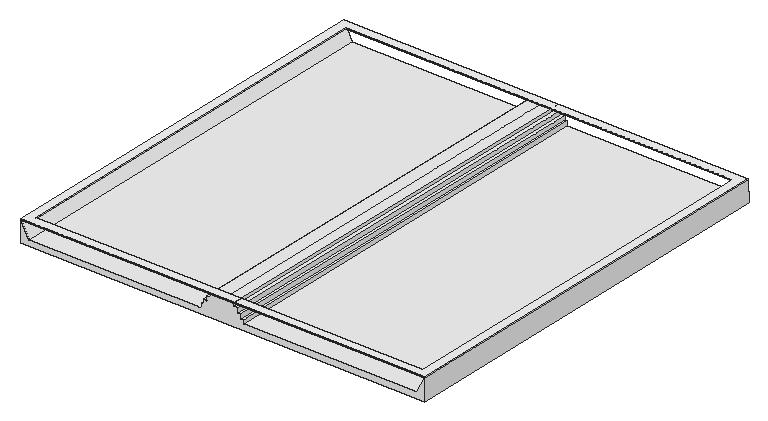
Revit family "HHS_MDMB", category Lighting Fixtures, host Face, Revit 2021
Family settings
  Host = Face
  Round Connector Dimension = Use Diameter
  Part Type = Normal
  OmniClass Number = 23.80.70.14.21
  OmniClass Title = Street and Roadway Lighting
  Cut with Voids When Loaded = No
  Light Source = Yes
  Shared = No
  Room Calculation Point = No
Parameters (values of type "MDMB22-9-35 Ambient Mode")
  Width = 24.00"
  Wattage Comments = ""
  Wattage = 9.2903 W
  Watt = 25 W
  Warranty = "Five year warranty (Terms and Conditions Apply)"  # constant formula
  built-in parameter 1150110 = 1 (stored number, unit not read)
  Voltage = "120-277V"
  Visor Option = FL-1 : FL-1
  URL = "https://www.currentlighting.com/lifeshield"
  built-in parameter 1114217 = 1 (stored number, unit not read)
  Tilt Angle = -90.00°
  built-in parameter 1150109 = 1 (stored number, unit not read)
  built-in parameter 1150134 = 3
  built-in parameter 1150113 = 1 (stored number, unit not read)
  Product Page URL = ""
  Product Material = Paint - Matte White
  Product Documentation Link = ""
  Photometric Web File = "MDMB22-9-35 Ambient Mode.ies"
  Model = "MediMode™ Behavioral"  # constant formula
  Manufacturer = "Lifeshield"  # constant formula
  built-in parameter 1150105 = 109.82 (stored number, unit not read)
  Lumens = 1380 lm
  built-in parameter 1150115 = 1 (stored number, unit not read)
  built-in parameter 1150137 = (empty or 0)
  built-in parameter 1150139 = (empty or 0)
  Length = 24.00"
  built-in parameter 1150112 = 1 (stored number, unit not read)
  built-in parameter 1150114 = 1 (stored number, unit not read)
  Lamp = "LED"
  built-in parameter 1150132 = (empty or 0)
  built-in parameter 1150102 = (empty or 0)
  built-in parameter 1150107 = 3200 (stored number, unit not read)
  built-in parameter 1150138 = (empty or 0)
  built-in parameter 1150106 = 1.0982 (stored number, unit not read)
  Glass = Glass
  Fixture Life = "60,000 HRS"  # constant formula
  Features = "Provides ambient, reading and examination illumination for the patient bed environment \r\nDesigned to reduce risk of ligature, hiding of contraband, and general damage to the luminaire \r\nRecommended by the New York State Office of Mental Health \r\nAvailable in 2x4 and 2x2 models for flange applications \r\nAll compartments are lensed for visual comfort \r\nA 0.25 inch thick polycarbonate lensed door provides enhanced protection \r\nOptical assembly and electrical components accessible from below the ceiling \r\nStandard antimicrobial finish \r\n"  # constant formula
  Emit from Rectangle Width = Length - 1.00"  # 23.00"
  Emit from Rectangle Length = Width - 1.00"  # 23.00"
  Emit Shape Visible in Rendering = no
  built-in parameter 1150104 = 13.8 (stored number, unit not read)
  Dimming Lamp Color Temperature Shift = <None>
  Description = "MediMode™ Behavioral provides the primary lighting requirements for the patient environment while addressing the safety and security concerns of behavioral health spaces. The construction is designed to reduce risk of ligature, hiding of contraband, and general damage to the luminaire."  # constant formula
  Default Elevation = 48.00"
  Contact Us = ""
  Color Rendering Index = "80 CRI , 90CRI"
  Color Filter = 16777215
  Certification = "• Built and tested to UL1598 standard and\r\nbears the cCSAus label for Wet Locations in\r\ncovered ceilings\r\n• Recommended by the New York State Office\r\nof Mental Health for low, medium and high\r\nrisk behavioral spaces\r\n• Photometrically tested per IESNA-79\r\nstandards and LM-80 compliant\r\n• UL Sanitation rated"  # constant formula
  built-in parameter 1114218 = 1 (stored number, unit not read)
  built-in parameter 1150133 = 10 (stored number, unit not read)
  Application = "Behavioral Facilities\r\nAddiction Treatment Facilities\r\nEmergency Room"  # constant formula
  Apparent Load = 0 VA
Types (8): name | Watt | Photometric Web File | Length | Emit from Rectangle Width
  (no name) | 25 W | "MDMB22-9-35 Ambient Mode.ies" | 24.00" | 23.00"
  MDMB22-9-35 General Mode | 25 W | "MDMB22-9-35 General Mode.ies" | 24.00" | 23.00"
  MDMB24-9-35 General Mode | 41 W | "MDMB24-9-35 General Mode.ies" | 48.00" | 47.00"
  MDMB24-9-35 Night Light Mode Only | 25 W | "MDMB24-9-35 Night Light Mode Only.ies" | 48.00" | 47.00"
  MDMB24-9-35 Exam Mode | 25 W | "MDMB24-9-35 Exam Mode.ies" | 48.00" | 47.00"
  MDMB24-9-35 Ambient Mode | 25 W | "MDMB24-9-35 Ambient Mode.ies" | 48.00" | 47.00"
  MDMB22-9-35 Exam Mode | 25 W | "MDMB22-9-35  Exam Mode.ies" | 24.00" | 23.00"
  MDMB22-9-35 Ambient Mode | 25 W | "MDMB22-9-35 Ambient Mode.ies" | 24.00" | 23.00"
Reference planes (in)
  plane 1 "Center (Front/Back)": y = 0
  plane 2: z = 0
  plane 3 "Center (Left/Right)": x = 0
  plane 4: y = 12
  plane 5: y = -12
  plane 6: x = -12
  plane 7: x = 12
  plane 8: y = 11.5
  plane 9: x = -11.5
  plane 10: x = 11.5
  plane 11: y = -11.5
  plane 12: z = 0.18
Forms (in)
  Extrusion 1, solid, material "Paint - Matte White" <- "Product Material"
    sketch origin (0, 0, 0) x (1, 0, 0) y (0, 1, 0)
      loop
        line (-12, 12) -> (-12, -12) -> (12, -12) -> (12, 12) -> (-12, 12)
      loop
        line (-11.5, 11.5) -> (-11.5, -11.5) -> (11.5, -11.5) -> (11.5, 11.5) -> (-11.5, 11.5)
    from 0 to 0.05
  Extrusion 2, void
    sketch origin (0, 0, 0) x (1, 0, 0) y (0, 1, 0)
      loop
        line (-12, 12) -> (-12, -12) -> (12, -12) -> (12, 12) -> (-12, 12)
    from -2.5 to 0
  Extrusion 3, solid, material "Glass" <- "Glass"
    sketch origin (0, 0, 0) x (1, 0, 0) y (0, 0, 1)
      loop
        line (-12, 0) -> (-12, -1.25) -> (12, -1.25) -> (12, 0) -> (11.5, -0.91232) -> (1.25, -0.91232) -> (1.25, -0.66232) -> (1.09375, -0.66232) -> (1.09375, -0.41232) -> (0.90625, -0.41232) -> (0.90625, -0.16232) -> (0.6875, -0.16232) -> (0.6875, 0) -> (0, 0) -> (-0.6875, 0) -> (-0.6875, -0.16232) -> (-0.90625, -0.16232) -> (-0.90625, -0.41232) -> (-1.09375, -0.41232) -> (-1.09375, -0.66232) -> (-1.25, -0.66232) -> (-1.25, -0.91232) -> (-11.5, -0.91232) -> (-12, 0)
    from -12 to 12
Cuts and joins
  Extrusion 2 cuts Extrusion 1
Dimensions and locks (in)
  equal spacing: plane 5, plane 1 "Center (Front/Back)", plane 4
  "Length": plane 5 to plane 4
  equal spacing: plane 6, plane 3 "Center (Left/Right)", plane 7
  "Width": plane 6 to plane 7
  locked: plane 5 to plane 11 at 0.5
  locked: plane 6 to plane 9 at 0.5
  locked: plane 10 to plane 7 at 0.5
  locked: plane 8 to plane 4 at 0.5
  aligned and locked: plane 2 to host face
  aligned and locked: level to host face
  aligned and locked: plane 4 to Extrusion 1 sketch curve
  aligned and locked: plane 6 to Extrusion 1 sketch curve
  aligned and locked: Extrusion 1 sketch curve to plane 5
  aligned and locked: Extrusion 1 sketch curve to plane 7
  aligned and locked: plane 8 to Extrusion 1 sketch curve
  aligned and locked: plane 9 to Extrusion 1 sketch curve
  aligned and locked: Extrusion 1 sketch curve to plane 11
  aligned and locked: Extrusion 1 sketch curve to plane 10
  aligned and locked: Extrusion 3 to cut or joined group of Extrusion 1, Extrusion 2
  aligned and locked: cut or joined group of Extrusion 1, Extrusion 2 to Extrusion 3
  aligned and locked: imposter light to plane 12
Automatic sketch dimensions
  host sketch curve to host sketch curve = 96.00"  (x2)
  plane 5 to Extrusion 2 sketch curve = 0.00"
  Extrusion 2 sketch curve to plane 6 = 0.00"
  Extrusion 2 sketch curve to plane 7 = 0.00"
  plane 4 to Extrusion 2 sketch curve = 0.00"
  Extrusion 3 sketch curve to level = 0.00"  (x3)
  Extrusion 3 sketch curve to plane 6 = 0.00"
  Extrusion 3 sketch curve to plane 9 = 0.00"
  Extrusion 3 sketch curve to plane 3 "Center (Left/Right)" = 0.00"
  Extrusion 3 sketch curve to plane 10 = 0.00"
  Extrusion 3 sketch curve to plane 7 = 0.00"
  Extrusion 3 sketch curve to plane 3 "Center (Left/Right)" = 1.25"
  Extrusion 3 sketch curve to Extrusion 3 sketch curve = 0.15625"  (x2)
  Extrusion 3 sketch curve to Extrusion 3 sketch curve = 0.1875"  (x2)
  Extrusion 3 sketch curve to Extrusion 3 sketch curve = 0.21875"  (x2)
  Extrusion 3 sketch curve to Extrusion 3 sketch curve = 0.6875"
  Extrusion 3 sketch curve to level = 0.16232"  (x2)
  Extrusion 3 sketch curve to Extrusion 3 sketch curve = 0.25"  (x5)
  Extrusion 3 sketch curve to level = 0.91232"
  Extrusion 3 sketch curve to Extrusion 3 sketch curve = 0.33768"
Connectors (in)
  electrical at (0, 0, -1.25)
    settings: on Extrusion 3, index 1, voltage 110 V, apparent load 50 VA, apparent load phase1 0 VA, apparent load phase2 0 VA, apparent load phase3 0 VA, power factor 1, load classification "Other", number of poles 1, system type 30, power factor state 1, is connector primary yes, connector utility no, sub classification motor no, connector description "Lighting Connector"
